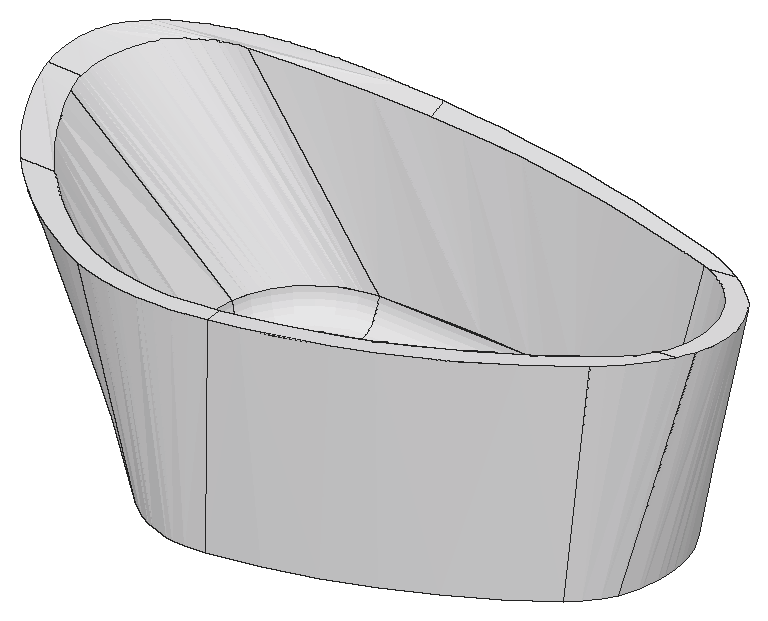
Revit family "Bath-Freestanding-KOHLER-Veil-K-8331", category Plumbing Fixtures, host Face, Revit 2015
Parameters (values of type "K-8331-0-White")
  Width = 36 111/128"  # constant formula
  Waste Connection = yes
  URL = "http://www.us.kohler.com/us/"
  Type = 0
  Product Page URL = "http://www.us.kohler.com/us/catalog/productDetails.jsp?productNumber=8331"
  Product Name = "Veil"  # constant formula
  Product Documentation Link = "http://www.us.kohler.com/onlinecatalog/pdf/K-8331_spec.pdf"
  Pressure = 0.00 psi
  Outlet Connector = "Outlet Connection"  # constant formula
  Model = "K-8331-0"  # constant formula
  Material = "KOHLER Lithocast"  # constant formula
  MasterFormat 2004 = "22.41.19"  # constant formula
  MasterFormat 1995 = "15410"  # constant formula
  Manufacturer Address = "444 Highland Drive, Kohler, WI 53044"  # constant formula
  Manufacturer = "Kohler"  # constant formula
  Length = 66"  # constant formula
  Inlet Connector = "Inlet Connection"  # constant formula
  Height = 24 73/128"  # constant formula
  Flow Rate = 0 GPM
  Finish = Kohler-Lithocast-0-White
  Description = "Veil 66inch x 36inch freestanding bath with center toe-tap drain"  # constant formula
  Default Elevation = 0"
  Date Modified = "09/08/2017"  # constant formula
  Date Created = "09/19/2017"  # constant formula
  Copyright = "Copyright by Kohler Co."  # constant formula
  Contact Us = "https://www.us.kohler.com/us/static/contact.jsp"
  Assembly Code = "D2010500"
  ADA Compliant = yes
Reference planes (in)
  plane 1 "Center (Front/Back)": y = 0
  plane 2: z = 0
  plane 3 "Center (Left/Right)": x = 0
  plane 4: y = 15.25
  plane 5: y = -21.61719
  plane 6: x = -33
  plane 7: x = 33
  plane 8: z = 24.57031
Dimensions and locks (in)
  "Length": plane 6 to plane 7
  "Width": plane 4 to plane 5
  "Height": plane 8 to level
  aligned and locked: plane 2 to host face
  aligned and locked: level to host face
Automatic sketch dimensions
  host sketch curve to host sketch curve = 96"  (x2)
Nested families (in)
  nested 1: "K-8331" at (0, 0, 0), type "K-8331"
Connectors (in)
  piping at (16.99272, 0, 0.8281), diameter 1.5, driven by "Flow Rate", driven by "Waste Connection", driven by "Outlet Connector"
    settings: on nested 1, index 1, connector inside diameter 24", connector length 0", flow factor 0, pipe flow 0 GPM, pressure drop 0.00 psi, fitting loss kfactor 0, connector angle 0.00°, fixture units 0, engagement length 0", angle of deflection 0.00°, flow configuration 0, flow direction 2, fitting loss method 0, system type 16, joint type 0, gender type 0, connector reference index -1, connector utility 1, adjustable connector no, is connector primary yes, connector description "Outlet Connection"
Definition of nested family "K-8331"
  Parameters (values of type "K-8331")
    Material = none
  Reference planes (in)
    plane 1 "Center (Front/Back)": y = 0
    plane 2: z = 0
    plane 3 "Center (Left/Right)": x = 0
    plane 4 "A": through (16.99272, 0, 47.5) normal (-0.809, 0.5878, 0)
    plane 5: y = 15.25
    plane 6: y = -21.625
    plane 7: x = -33
    plane 8: x = 33
  Forms (in)
    Blend 1, solid, material <- "Material"
      base sketch origin (-80.78691, -73.24896, 0) x (0.987688, 0.156434, 0) y (-0.156434, 0.987688, 0)
        loop
          arc (86.888, 41.17867) -> (101.13384, 43.03407) -> (114.54833, 48.17589) r 60.88185
          arc (114.54833, 48.17589) -> (116.32929, 49.44034) -> (117.7149, 51.12877) r 8.22931
          arc (117.7149, 51.12877) -> (119.46284, 56.71274) -> (118.31126, 62.44946) r 11.79111
          arc (118.31126, 62.44946) -> (116.66349, 64.70835) -> (114.32137, 66.23551) r 7.75
          arc (114.32137, 66.23551) -> (99.20467, 71.23659) -> (83.5001, 73.86186) r 103.58765
          arc (83.5001, 73.86186) -> (79.68964, 73.46396) -> (76.30844, 71.66243) r 10
          arc (76.30844, 71.66243) -> (73.84255, 68.703) -> (72.67827, 65.03105) r 10
          arc (72.67827, 65.03105) -> (73.54797, 54.57157) -> (78.35113, 45.23955) r 26.92108
          arc (78.35113, 45.23955) -> (82.14922, 42.22035) -> (86.888, 41.17867) r 10.75
      top sketch origin (-80.78691, -73.24896, 0) x (0.987688, 0.156434, 0) y (-0.156434, 0.987688, 0)
        loop
          arc (59.21597, 63.48165) -> (64.68278, 50.46465) -> (75.14286, 40.9823) r 32.58208
          spline (75.14286, 40.9823) -> (75.90649, 40.58426) -> (76.73244, 40.22505) -> (77.62069, 39.90468) -> (78.57126, 39.62314) -> (79.58413, 39.38044) -> (80.65932, 39.17658) -> (81.79682, 39.01155) -> (82.99663, 38.88537) -> (84.25875, 38.79801) -> (85.58319, 38.7495) -> (86.96993, 38.73982) -> (88.41899, 38.76898)
          arc (88.41899, 38.76898) -> (103.53503, 41.20016) -> (117.55933, 47.34219) r 60.59933
          arc (117.55933, 47.34219) -> (121.12379, 50.17739) -> (123.82143, 53.84706) r 17.24023
          arc (123.82143, 53.84706) -> (124.76667, 58.55091) -> (122.86329, 62.95509) r 8.03663
          arc (122.86329, 62.95509) -> (119.99402, 65.61166) -> (116.60316, 67.55899) r 17.36721
          arc (116.60316, 67.55899) -> (101.013, 73.02106) -> (84.8036, 76.20584) r 115.63124
          spline (84.8036, 76.20584) -> (82.8013, 76.42615) -> (80.86951, 76.58527) -> (79.00816, 76.68316) -> (77.21721, 76.71976) -> (75.4966, 76.69502) -> (73.84627, 76.60884) -> (72.26618, 76.46112) -> (70.75628, 76.25174) -> (69.31653, 75.98058) -> (67.94698, 75.64748) -> (66.64767, 75.25227) -> (65.41867, 74.79477)
          spline (65.41867, 74.79477) -> (64.21164, 74.24021) -> (63.12731, 73.61439) -> (62.16639, 72.91671) -> (61.32963, 72.14663) -> (60.61825, 71.30421) -> (60.03382, 70.39021) -> (59.57749, 69.4061) -> (59.24984, 68.35353) -> (59.05051, 67.23386) -> (58.97895, 66.04837) -> (59.03441, 64.79762) -> (59.21597, 63.48165)
      from 0 to 24.58641
    Sweep 2, void
      path origin (8.10504, -59.16986, 0.875) x (-0.156434, 0.987688, 0) y (0, 0, 1)
        loop
          line (36.12827, 21.72931) -> (38.62827, 21.72931) -> (52.12622, 21.4937)
          arc (52.12622, 21.4937) -> (58.63608, 21.47345) -> (65.14385, 21.63992) r 226.9498
          arc (65.14385, 21.63992) -> (72.16893, 22.41819) -> (79.01521, 24.17485) r 50.22875
      profile origin (2.45333, -23.48639, 22.60431) x (0, 0, -1) y (0.987688, 0.156434, 0)
        loop
          line (0.61082, 35.32831) -> (-4.55764, 35.32831) -> (-4.55764, -34.35674) -> (-2.05764, -34.35674)
          arc (-2.05764, -34.35674) -> (-0.05741, -18.10285) -> (0.61082, -1.73998) r 200.67231
          line (0.61082, -1.73998) -> (0.61082, 35.32831)
    Blend 3, void
      base sketch origin (-0.81971, -2.82121, 0) x (0.987688, 0.156434, 0) y (-0.156434, 0.987688, 0)
        loop
          arc (23.60701, -8.67137) -> (28.92225, 0.50784) -> (22.798, 9.16828) r 9.82509
          arc (22.798, 9.16828) -> (8.56503, 13.76649) -> (-6.18354, 16.25664) r 103.08765
          arc (-6.18354, 16.25664) -> (-11.97191, 14.82145) -> (-15.59224, 10.08244) r 9
          arc (-15.59224, 10.08244) -> (-16.33123, -0.92104) -> (-11.75234, -10.95381) r 22.49874
          arc (-11.75234, -10.95381) -> (-7.50934, -14.27242) -> (-2.23133, -15.34892) r 11.75
          arc (-2.23133, -15.34892) -> (11.06137, -13.4555) -> (23.60701, -8.67137) r 60.38185
      top sketch origin (-0.81971, -2.82121, 0) x (0.987688, 0.156434, 0) y (-0.156434, 0.987688, 0)
        loop
          arc (28.82032, -6.99281) -> (32.85375, 0.88782) -> (27.84077, 8.18459) r 8.64544
          arc (27.84077, 8.18459) -> (4.95108, 15.65368) -> (-19.04235, 17.66365) r 104.08765
          arc (-19.04235, 17.66365) -> (-26.53168, 13.76258) -> (-28.1666, 5.47793) r 9.75
          arc (-28.1666, 5.47793) -> (-24.50437, -3.38558) -> (-18.55354, -10.9063) r 34.66193
          arc (-18.55354, -10.9063) -> (-12.53039, -14.84288) -> (-5.4951, -16.35274) r 19.69132
          arc (-5.4951, -16.35274) -> (12.35544, -14.21285) -> (28.82032, -6.99281) r 61.38185
      from 6.13875 to 24.58641
    Sweep 4, void
      path origin (-0.81971, -2.82121, 0) x (0.987688, 0.156434, 0) y (-0.156434, 0.987688, 0)
        loop
          arc (28.8625, -1.10663) -> (28.92378, 0.47279) -> (28.73099, 2.0416) r 9.82509
          arc (28.73099, 2.0416) -> (26.65816, 6.34892) -> (22.798, 9.16828) r 9.82509
          arc (22.798, 9.16828) -> (8.56503, 13.76649) -> (-6.18354, 16.25664) r 103.08765
          arc (-6.18354, 16.25664) -> (-11.97191, 14.82145) -> (-15.59224, 10.08244) r 9
          arc (-15.59224, 10.08244) -> (-16.33123, -0.92104) -> (-11.75234, -10.95381) r 22.49874
          arc (-11.75234, -10.95381) -> (-7.50934, -14.27242) -> (-2.23133, -15.34892) r 11.75
          arc (-2.23133, -15.34892) -> (11.06137, -13.4555) -> (23.60701, -8.67137) r 60.38185
          arc (23.60701, -8.67137) -> (27.17618, -5.54304) -> (28.8625, -1.10663) r 9.82509
      profile origin (27.674, 2.17043, 0) x (-0.980299, -0.19752, 0) y (0, 0, 1)
        loop
          line (3.25793, 6.13875) -> (0, 6.13875)
          arc (0, 6.13875) -> (0.76267, 4.12007) -> (2.74758, 3.27339) r 2.75
          line (2.74758, 3.27339) -> (3.25793, 3.27339) -> (3.25793, 6.13875)
    Extrusion 5, void
      sketch origin (-0.81971, -2.82121, 0) x (0.987688, 0.156434, 0) y (-0.156434, 0.987688, 0)
        loop
          arc (-12.49427, 9.0741) -> (-13.12625, -0.33602) -> (-9.21041, -8.91599) r 19.2408
          arc (-9.21041, -8.91599) -> (-6.14387, -11.31444) -> (-2.3293, -12.09246) r 8.49207
          arc (-2.3293, -12.09246) -> (10.24619, -10.3012) -> (22.11492, -5.7752) r 57.12392
          arc (22.11492, -5.7752) -> (24.50058, -3.6842) -> (25.62772, -0.71888) r 6.56716
          arc (25.62772, -0.71888) -> (25.66868, 0.33682) -> (25.53982, 1.38543) r 6.56716
          arc (25.53982, 1.38543) -> (24.15433, 4.26447) -> (21.57417, 6.14894) r 6.56716
          arc (21.57417, 6.14894) -> (7.79101, 10.60184) -> (-6.49145, 13.01329) r 99.82971
          arc (-6.49145, 13.01329) -> (-10.18448, 12.09763) -> (-12.49427, 9.0741) r 5.74207
      from 3.27339 to 6.13875
    Extrusion 6, void
      sketch origin (-0.81971, -2.82121, 0) x (0.987688, 0.156434, 0) y (-0.156434, 0.987688, 0)
        loop
          arc (23.61717, -7.10514) -> (24.9653, -6.14799) -> (26.01415, -4.86991) r 6.22931
          arc (26.01415, -4.86991) -> (27.46561, -0.23309) -> (26.50936, 4.53057) r 9.79111
          arc (26.50936, 4.53057) -> (25.28682, 6.20653) -> (23.54912, 7.33958) r 5.75
          arc (23.54912, 7.33958) -> (8.72428, 12.24409) -> (-6.67707, 14.81868) r 101.58765
          arc (-6.67707, 14.81868) -> (-12.44363, 13.04836) -> (-15.33454, 7.75403) r 8
          arc (-15.33454, 7.75403) -> (-14.52945, -1.92839) -> (-10.08312, -10.56713) r 24.92108
          arc (-10.08312, -10.56713) -> (-6.99165, -13.02462) -> (-3.13451, -13.8725) r 8.75
          arc (-3.13451, -13.8725) -> (10.64336, -12.07805) -> (23.61717, -7.10514) r 58.88185
      from 0 to 2.66635
    Revolve 7, void
      sketch origin (-0.81971, -2.82121, 0.5) x (0.987688, 0.156434, 0) y (0, 0, 1)
        loop
          line (18.03447, 2.81002) -> (14.72447, 2.81002)
          arc (14.72447, 2.81002) -> (15.25662, 2.57026) -> (15.47447, 2.02877) r 0.7819
          line (15.47447, 2.02877) -> (15.47447, 0.3281) -> (18.03447, 0.3281) -> (18.03447, 2.81002)
        axis (18.03447, 2.81002) -> (18.03447, 0.3281)
      angle from 0 to 360
    Revolve 8, solid, material <- "Material"
      sketch origin (-0.81971, -2.82121, 0.5) x (0.987688, 0.156434, 0) y (0, 0, 1)
        loop
          line (15.22447, 0.3281) -> (18.03447, 0.3281) -> (18.03447, 2.76558)
          arc (18.03447, 2.76558) -> (16.87965, 2.72338) -> (15.73099, 2.59701) r 15.82281
          arc (15.73099, 2.59701) -> (15.59549, 2.42801) -> (15.75415, 2.28054) r 0.15908
          line (15.75415, 2.28054) -> (17.05809, 2.28054) -> (17.05809, 0.7094) -> (15.47447, 0.7094) -> (15.47447, 2.16635) -> (15.22447, 2.16635) -> (15.22447, 0.3281)
        axis (18.03447, 2.76558) -> (18.03447, 0.3281)
      angle from 0 to 360
    Extrusion 9, void
      sketch origin (11.12188, -8.08052, 0) x (-0.587785, -0.809017, 0) y (0, 0, 1)
        loop
          line (-8.82228, 19.25) -> (-10.82228, 19.25)
          arc (-10.82228, 19.25) -> (-11.07228, 19) -> (-10.82228, 18.75) r 0.25
          line (-10.82228, 18.75) -> (-8.82228, 18.75)
          arc (-8.82228, 18.75) -> (-8.57228, 19) -> (-8.82228, 19.25) r 0.25
      from -12.27424 to -10.90435
  Cuts and joins
    Sweep 2, Blend 3, Sweep 4, Extrusion 5, Extrusion 6, Revolve 7, Extrusion 9 cuts Blend 1
    joined: Blend 1, Revolve 8
  Lines and regions (in)
    Masking region 1
      outline origin (-0.81971, -2.82121, 0) x (0.987688, 0.156434, 0) y (-0.156434, 0.987688, 0)
        loop
          spline (-30.65759, 8.0336) -> (-30.64363, 7.90301) -> (-30.62848, 7.77256) -> (-30.61213, 7.64226) -> (-30.5946, 7.51212) -> (-30.57588, 7.38215) -> (-30.55597, 7.25236) -> (-30.53488, 7.12276) -> (-30.51261, 6.99337) -> (-30.48915, 6.86419) -> (-30.46452, 6.73524) -> (-30.43871, 6.60652) -> (-30.41173, 6.47805)
          spline (-30.41173, 6.47805) -> (-30.18439, 5.47281) -> (-29.92683, 4.47483) -> (-29.63928, 3.48504) -> (-29.32201, 2.50432) -> (-28.9753, 1.53356) -> (-28.59947, 0.57364) -> (-28.19485, -0.37456) -> (-27.76181, -1.31019) -> (-27.30075, -2.23241) -> (-26.81208, -3.14036) -> (-26.29625, -4.03323) -> (-25.75373, -4.91022)
          spline (-25.75373, -4.91022) -> (-25.0278, -5.99635) -> (-24.25984, -7.05225) -> (-23.45051, -8.07728) -> (-22.60166, -9.06967) -> (-21.71483, -10.02808) -> (-20.79146, -10.95126) -> (-19.83298, -11.83797) -> (-18.84085, -12.68702) -> (-17.81651, -13.49724) -> (-16.76153, -14.26738) -> (-15.67782, -14.99598) -> (-14.56609, -15.68252)
          spline (-14.56609, -15.68252) -> (-13.59889, -16.20004) -> (-12.59316, -16.63643) -> (-11.55391, -16.99609) -> (-10.49426, -17.28998) -> (-9.41976, -17.5256) -> (-8.336, -17.71032) -> (-7.24568, -17.85001) -> (-6.15099, -17.94984) -> (-5.05247, -18.01407) -> (-3.94988, -18.04631) -> (-2.84611, -18.05029) -> (-1.74246, -18.02733)
          spline (-1.74246, -18.02733) -> (0.79587, -17.89583) -> (3.32643, -17.65785) -> (5.84476, -17.31382) -> (8.34642, -16.86434) -> (10.827, -16.3102) -> (13.2821, -15.65239) -> (15.70741, -14.89206) -> (18.09864, -14.03055) -> (20.45157, -13.06939) -> (22.76205, -12.01027) -> (25.026, -10.85506) -> (27.23943, -9.6058)
          spline (27.23943, -9.6058) -> (27.7797, -9.26871) -> (28.30626, -8.91058) -> (28.81828, -8.53197) -> (29.31497, -8.13346) -> (29.79556, -7.71569) -> (30.2593, -7.27929) -> (30.70547, -6.82495) -> (31.13338, -6.35338) -> (31.54236, -5.8653) -> (31.93177, -5.36147) -> (32.30101, -4.84269) -> (32.64937, -4.30967)
          spline (32.64937, -4.30967) -> (32.69332, -4.23906) -> (32.73691, -4.16824) -> (32.78014, -4.09719) -> (32.82301, -4.02591) -> (32.86551, -3.95442) -> (32.90764, -3.88272) -> (32.9494, -3.81079) -> (32.9908, -3.73866) -> (33.03182, -3.66631) -> (33.07248, -3.59375) -> (33.11276, -3.52099) -> (33.15215, -3.44774)
          spline (33.15215, -3.44774) -> (33.50689, -2.71281) -> (33.78923, -1.94714) -> (33.99655, -1.15782) -> (34.12691, -0.35222) -> (34.1791, 0.46219) -> (34.15265, 1.27782) -> (34.04779, 2.08709) -> (33.8655, 2.88248) -> (33.60747, 3.65658) -> (33.27611, 4.4022) -> (32.87449, 5.1124) -> (32.40636, 5.78058)
          spline (32.40636, 5.78058) -> (32.23312, 5.9909) -> (32.0563, 6.19822) -> (31.87595, 6.40248) -> (31.69212, 6.60361) -> (31.50487, 6.80155) -> (31.31425, 6.99625) -> (31.12032, 7.18765) -> (30.92314, 7.3757) -> (30.72276, 7.56033) -> (30.51924, 7.7415) -> (30.31265, 7.91914) -> (30.10304, 8.09322)
          spline (30.10304, 8.09322) -> (29.81699, 8.32128) -> (29.52582, 8.54274) -> (29.22968, 8.75749) -> (28.92873, 8.96542) -> (28.62313, 9.16643) -> (28.31303, 9.3604) -> (27.99859, 9.54724) -> (27.67999, 9.72685) -> (27.35738, 9.89913) -> (27.03094, 10.064) -> (26.70083, 10.22136) -> (26.36723, 10.37115)
          spline (26.36723, 10.37115) -> (24.11259, 11.32365) -> (21.83918, 12.2284) -> (19.54779, 13.08497) -> (17.23923, 13.89296) -> (14.91428, 14.65196) -> (12.57381, 15.36157) -> (10.2188, 16.02139) -> (7.85025, 16.63103) -> (5.46917, 17.19009) -> (3.07655, 17.69818) -> (0.67326, 18.15502) -> (-1.73998, 18.56047)
          spline (-1.73998, 18.56047) -> (-2.03197, 18.60592) -> (-2.32405, 18.65066) -> (-2.61623, 18.69468) -> (-2.90851, 18.73798) -> (-3.20088, 18.78058) -> (-3.49333, 18.82245) -> (-3.78588, 18.86362) -> (-4.07851, 18.90406) -> (-4.37123, 18.94379) -> (-4.66402, 18.9828) -> (-4.9569, 19.0211) -> (-5.24985, 19.05868)
          spline (-5.24985, 19.05868) -> (-6.87452, 19.24906) -> (-8.49946, 19.40152) -> (-10.12498, 19.5138) -> (-11.75145, 19.5814) -> (-13.37871, 19.59981) -> (-15.00633, 19.56411) -> (-16.63207, 19.46622) -> (-18.25372, 19.30015) -> (-19.86678, 19.05597) -> (-21.46392, 18.72189) -> (-23.03441, 18.28649) -> (-24.5681, 17.73992)
          spline (-24.5681, 17.73992) -> (-25.52256, 17.31703) -> (-26.43941, 16.82526) -> (-27.3082, 16.25521) -> (-28.11341, 15.59908) -> (-28.83566, 14.85323) -> (-29.45468, 14.02067) -> (-29.95396, 13.11202) -> (-30.3252, 12.14426) -> (-30.56976, 11.13683) -> (-30.69727, 10.10774) -> (-30.72161, 9.07105) -> (-30.65759, 8.0336)
    Masking region 2
      outline origin (0, 0, 0) x (1, 0, 0) y (0, 0, 1)
        loop
          line (-19.18615, 0) -> (28.39758, 0) -> (32.95065, 21.72529)
          spline (32.95065, 21.72529) -> (32.93061, 21.72687) -> (32.87052, 21.72977) -> (32.77066, 21.73397) -> (32.6315, 21.73946) -> (32.45372, 21.7462) -> (32.23815, 21.75417) -> (31.98581, 21.76333) -> (31.69791, 21.77364) -> (31.3758, 21.78504) -> (31.02103, 21.79748) -> (30.63527, 21.8109) -> (30.22035, 21.82524)
          spline (30.22035, 21.82524) -> (30.00159, 21.83202) -> (29.77936, 21.83888) -> (29.55374, 21.84582) -> (29.32481, 21.85283) -> (29.09264, 21.85993) -> (28.85731, 21.86709) -> (28.6189, 21.87433) -> (28.37748, 21.88163) -> (28.13315, 21.889) -> (27.88597, 21.89643) -> (27.63604, 21.90392) -> (27.38344, 21.91147)
          spline (27.38344, 21.91147) -> (27.08403, 21.92045) -> (26.78144, 21.92992) -> (26.4756, 21.93976) -> (26.16666, 21.94998) -> (25.85476, 21.96058) -> (25.54004, 21.97155) -> (25.22264, 21.98288) -> (24.9027, 21.99456) -> (24.58037, 22.00661) -> (24.2558, 22.019) -> (23.92913, 22.03173) -> (23.60051, 22.0448)
          spline (23.60051, 22.0448) -> (21.22462, 22.13431) -> (18.83767, 22.23612) -> (16.44049, 22.34774) -> (14.03395, 22.4667) -> (11.61889, 22.59051) -> (9.19622, 22.71684) -> (6.76699, 22.84368) -> (4.33223, 22.96904) -> (1.893, 23.09096) -> (-0.54965, 23.20747) -> (-2.99481, 23.31685) -> (-5.44177, 23.41768)
          spline (-5.44177, 23.41768) -> (-5.73727, 23.42942) -> (-6.03276, 23.44145) -> (-6.32823, 23.45379) -> (-6.62368, 23.46642) -> (-6.91911, 23.47935) -> (-7.21452, 23.49258) -> (-7.5099, 23.50611) -> (-7.80526, 23.51993) -> (-8.10058, 23.53405) -> (-8.39588, 23.54846) -> (-8.69114, 23.56318) -> (-8.98637, 23.57819)
          spline (-8.98637, 23.57819) -> (-10.62081, 23.66508) -> (-12.2496, 23.75618) -> (-13.87267, 23.85051) -> (-15.48969, 23.94655) -> (-17.09979, 24.0429) -> (-18.7018, 24.13802) -> (-20.2922, 24.22957) -> (-21.86791, 24.31598) -> (-23.42291, 24.39465) -> (-24.94812, 24.4626) -> (-26.43116, 24.51707) -> (-27.86048, 24.55654)
          arc (-27.86048, 24.55654) -> (-29.30506, 24.57284) -> (-30.74959, 24.55304) r 57.80218
          arc (-30.74959, 24.55304) -> (-31.50678, 24.50701) -> (-32.259, 24.4089) r 10.99636
          arc (-32.259, 24.4089) -> (-32.46526, 24.36214) -> (-32.66462, 24.29154) r 1.8023
          arc (-32.66462, 24.29154) -> (-32.71466, 24.26056) -> (-32.75282, 24.21577) r 0.19013
          arc (-32.75282, 24.21577) -> (-32.75941, 24.19132) -> (-32.75167, 24.16722) r 0.04473
          line (-32.75167, 24.16722) -> (-19.18615, 0)
    Masking region 3
      outline origin (0, 0, 0) x (0, 1, 0) y (0, 0, 1)
        loop
          spline (-1.07571, 23.91199) -> (-0.96144, 23.91952) -> (-0.84681, 23.92699) -> (-0.73182, 23.93438) -> (-0.61649, 23.94169) -> (-0.50083, 23.94893) -> (-0.38483, 23.95609) -> (-0.26851, 23.96317) -> (-0.15188, 23.97018) -> (-0.03495, 23.9771) -> (0.08227, 23.98395) -> (0.19978, 23.99072) -> (0.31757, 23.99741)
          spline (0.31757, 23.99741) -> (1.33224, 24.05928) -> (2.35997, 24.13038) -> (3.39633, 24.20788) -> (4.42962, 24.28773) -> (5.44354, 24.365) -> (6.41911, 24.43457) -> (7.33826, 24.49205) -> (8.18791, 24.53465) -> (8.96192, 24.56144) -> (9.66087, 24.57298) -> (10.29001, 24.57075) -> (10.857, 24.55654)
          spline (10.857, 24.55654) -> (11.63676, 24.51707) -> (12.31248, 24.4626) -> (12.8923, 24.39465) -> (13.38581, 24.31598) -> (13.80352, 24.22957) -> (14.15453, 24.13802) -> (14.4444, 24.0429) -> (14.68078, 23.94655) -> (14.86845, 23.85051) -> (15.01183, 23.75618) -> (15.11545, 23.66508) -> (15.18156, 23.57819)
          arc (15.18156, 23.57819) -> (15.2167, 23.50029) -> (15.23855, 23.41768) r 0.51857
          line (15.23855, 23.41768) -> (13.00788, 0) -> (-19.13694, 0) -> (-21.61879, 22.09611)
          arc (-21.61879, 22.09611) -> (-21.59011, 22.13177) -> (-21.55208, 22.15723) r 0.15127
          arc (-21.55208, 22.15723) -> (-21.42357, 22.20813) -> (-21.28983, 22.24305) r 1.13618
          arc (-21.28983, 22.24305) -> (-20.94054, 22.30558) -> (-20.5893, 22.35594) r 10.21732
          spline (-20.5893, 22.35594) -> (-20.08512, 22.41827) -> (-19.53502, 22.48396) -> (-18.93941, 22.55252) -> (-18.29942, 22.62336) -> (-17.61603, 22.69589) -> (-16.89018, 22.76952) -> (-16.12282, 22.84363) -> (-15.31495, 22.91762) -> (-14.46757, 22.99086) -> (-13.58178, 23.06272) -> (-12.65902, 23.13253) -> (-11.69983, 23.19974)
          spline (-11.69983, 23.19974) -> (-10.9116, 23.25316) -> (-10.10316, 23.30782) -> (-9.27525, 23.36369) -> (-8.42865, 23.42071) -> (-7.56411, 23.47882) -> (-6.68246, 23.53797) -> (-5.7845, 23.59812) -> (-4.87105, 23.65919) -> (-3.94296, 23.72115) -> (-3.00109, 23.78392) -> (-2.04631, 23.84745) -> (-1.07949, 23.91169)
    symbolic lines, detail levels medium+fine
      curve 1: spline (-5.15475, 13.39333, 0) -> (-6.58139, 13.35105, 0) -> (-8.00713, 13.29008, 0) -> (-9.43171, 13.21042, 0) -> (-10.85485, 13.1121, 0) -> (-12.27628, 12.99512, 0) -> (-13.69572, 12.85952, 0) -> (-15.11291, 12.70533, 0) -> (-16.52757, 12.53256, 0) -> (-17.93942, 12.34125, 0) -> (-19.34821, 12.13144, 0) -> (-20.75366, 11.90317, 0) -> (-22.15549, 11.65648, 0)
      curve 2: line (-22.15549, 11.65648, 0) -> (-29.72988, 0.74849, 0)
      curve 3: spline (-29.72988, 0.74849, 0) -> (-29.69051, 0.54288, 0) -> (-29.64643, 0.33824, 0) -> (-29.59767, 0.13469, 0) -> (-29.54425, -0.06767, 0) -> (-29.48621, -0.26873, 0) -> (-29.42358, -0.46838, 0) -> (-29.35638, -0.66652, 0) -> (-29.28465, -0.86304, 0) -> (-29.20843, -1.05784, 0) -> (-29.12777, -1.25082, 0) -> (-29.0427, -1.44187, 0) -> (-28.95327, -1.63089, 0)
      curve 4: spline (-28.95327, -1.63089, 0) -> (-28.54179, -2.50111, 0) -> (-28.10837, -3.3607, 0) -> (-27.65327, -4.20911, 0) -> (-27.17681, -5.04581, 0) -> (-26.67927, -5.87025, 0) -> (-26.16098, -6.6819, 0) -> (-25.62227, -7.48025, 0) -> (-25.06349, -8.26478, 0) -> (-24.48499, -9.03499, 0) -> (-23.88715, -9.79039, 0) -> (-23.27035, -10.53048, 0) -> (-22.63498, -11.25481, 0)
      curve 5: spline (-22.63348, -11.25347, 0) -> (-22.19234, -11.73129, 0) -> (-21.74227, -12.2007, 0) -> (-21.28343, -12.66153, 0) -> (-20.81597, -13.11363, 0) -> (-20.34007, -13.55681, 0) -> (-19.85589, -13.99094, 0) -> (-19.3636, -14.41585, 0) -> (-18.86339, -14.8314, 0) -> (-18.35543, -15.23744, 0) -> (-17.83989, -15.63381, 0) -> (-17.31697, -16.02039, 0) -> (-16.78685, -16.39704, 0)
      curve 6: line (-16.78685, -16.39704, 0) -> (-3.30199, -19.64267, 0)
      curve 7: spline (-3.30199, -19.64267, 0) -> (-3.00845, -19.60179, 0) -> (-2.7151, -19.5595, 0) -> (-2.42196, -19.51581, 0) -> (-2.12902, -19.47071, 0) -> (-1.8363, -19.42421, 0) -> (-1.5438, -19.37631, 0) -> (-1.25153, -19.32701, 0) -> (-0.9595, -19.27631, 0) -> (-0.66771, -19.22421, 0) -> (-0.37617, -19.17071, 0) -> (-0.08489, -19.11582, 0) -> (0.20612, -19.05953, 0)
      curve 8: spline (28.10831, -5.52694, 0) -> (26.09013, -7.18649, 0) -> (24.00243, -8.7577, 0) -> (21.84908, -10.23768, 0) -> (19.63405, -11.62369, 0) -> (17.36145, -12.91315, 0) -> (15.03549, -14.10369, 0) -> (12.66048, -15.1931, 0) -> (10.24079, -16.17936, 0) -> (7.78093, -17.06065, 0) -> (5.28544, -17.83533, 0) -> (2.75893, -18.50198, 0) -> (0.20609, -19.05936, 0)
      curve 9: spline (30.17847, -2.90859, 0) -> (30.04603, -3.15512, 0) -> (29.90576, -3.39728, 0) -> (29.75781, -3.63483, 0) -> (29.60234, -3.86753, 0) -> (29.4395, -4.09513, 0) -> (29.26946, -4.3174, 0) -> (29.09239, -4.53412, 0) -> (28.90847, -4.74506, 0) -> (28.7179, -4.95001, 0) -> (28.52086, -5.14876, 0) -> (28.31757, -5.3411, 0) -> (28.10822, -5.52683, 0)
      curve 10: line (30.17847, -2.90859, 0) -> (24.73002, 9.64164, 0)
      curve 11: line (24.73002, 9.64164, 0) -> (-5.15475, 13.39333, 0)
      curve 12: arc (-9.47023, 12.26796, 0) -> (-14.96282, 9.94494, 0) -> (-17.79722, 4.69793, 0) r 9
      curve 13: arc (-17.79722, 4.69793, 0) -> (-16.8058, -6.28568, 0) -> (-10.71381, -15.47864, 0) r 22.49874
      curve 14: arc (-10.71381, -15.47864, 0) -> (-6.0039, -18.09263, 0) -> (-0.62247, -18.33022, 0) r 11.75
      curve 15: arc (23.85315, -7.69287, 0) -> (12.21038, -14.38067, 0) -> (-0.62247, -18.33022, 0) r 60.38185
      curve 16: arc (27.86056, 0.60087, 0) -> (26.88901, -4.04472, 0) -> (23.85315, -7.69287, 0) r 9.82509
      curve 17: arc (20.26337, 9.80058, 0) -> (24.51705, 7.6198, 0) -> (27.23818, 3.68977, 0) r 9.82509
      curve 18: arc (27.23818, 3.68977, 0) -> (27.674, 2.17043, 0) -> (27.86056, 0.60087, 0) r 9.82509
      curve 19: arc (-9.47023, 12.26796, 0) -> (5.48631, 12.11566, 0) -> (20.26337, 9.80058, 0) r 103.08765
      curve 20: arc (14.46424, -0.40047, 0) -> (16.59225, 2.52848, 0) -> (19.52121, 0.40047, 0) r 2.56
      curve 21: arc (19.52121, 0.40047, 0) -> (17.3932, -2.52848, 0) -> (14.46424, -0.40047, 0) r 2.56
      curve 22: arc (13.92757, -0.48547, 0) -> (16.50725, 3.06515, 0) -> (20.05788, 0.48547, 0) r 3.10336
      curve 23: arc (20.05788, 0.48547, 0) -> (17.4782, -3.06515, 0) -> (13.92757, -0.48547, 0) r 3.10336
      curve 24: arc (27.12325, -6.12419, 0) -> (26.32955, -6.77176, 0) -> (25.52496, -7.40576, 0) r 60.26337
      curve 25: spline (25.52489, -7.40567, 0) -> (25.4701, -7.44729, 0) -> (25.41633, -7.48657, 0) -> (25.36767, -7.52051, 0) -> (25.32782, -7.54655, 0) -> (25.29981, -7.5627, 0) -> (25.28577, -7.56773, 0) -> (25.28677, -7.56126, 0) -> (25.30272, -7.54379, 0) -> (25.33242, -7.51664, 0) -> (25.3736, -7.48187, 0) -> (25.42315, -7.44213, 0) -> (25.47729, -7.40044, 0)
      curve 26: arc (25.47731, -7.40048, 0) -> (26.2916, -6.75894, 0) -> (27.09472, -6.10346, 0) r 60.17484
      curve 27: spline (27.0949, -6.10352, 0) -> (27.14642, -6.06203, 0) -> (27.19568, -6.0239, 0) -> (27.2392, -5.9918, 0) -> (27.27393, -5.968, 0) -> (27.2974, -5.95419, 0) -> (27.30797, -5.95134, 0) -> (27.30488, -5.95965, 0) -> (27.28835, -5.97853, 0) -> (27.25955, -6.00665, 0) -> (27.22051, -6.04203, 0) -> (27.17399, -6.08216, 0) -> (27.12327, -6.12423, 0)
      curve 28: spline (-25.48845, 0, 23.19976) -> (-26.16122, 0, 23.25269) -> (-26.81012, 0, 23.30684) -> (-27.43458, 0, 23.36218) -> (-28.03402, 0, 23.41864) -> (-28.6079, 0, 23.47619) -> (-29.1557, 0, 23.53476) -> (-29.67693, 0, 23.5943) -> (-30.17111, 0, 23.65477) -> (-30.63779, 0, 23.7161) -> (-31.07656, 0, 23.77823) -> (-31.48701, 0, 23.84112) -> (-31.86878, 0, 23.90471)
      curve 29: line (-12.75318, 0, 22.35594) -> (-25.48845, 0, 23.19976)
      curve 30: line (-12.75318, 0, 22.35594) -> (0.27886, 0, 21.98649)
      curve 31: spline (0.27886, 0, 21.98649) -> (2.76385, 0, 21.9842) -> (5.22455, 0, 21.98005) -> (7.65662, 0, 21.97405) -> (10.05578, 0, 21.96621) -> (12.41779, 0, 21.95655) -> (14.73849, 0, 21.94508) -> (17.0138, 0, 21.93183) -> (19.23971, 0, 21.91681) -> (21.41228, 0, 21.90005) -> (23.52769, 0, 21.88159) -> (25.58221, 0, 21.86144) -> (27.57222, 0, 21.83966)
      curve 32: line (-21.91765, 0, 23.91397) -> (-29.48693, 0, 23.59596)
      curve 33: spline (-5.10798, 0, 22.97645) -> (-6.51844, 0, 23.02054) -> (-7.92802, 0, 23.07085) -> (-9.33647, 0, 23.12739) -> (-10.74352, 0, 23.19014) -> (-12.1489, 0, 23.25908) -> (-13.55235, 0, 23.33421) -> (-14.9536, 0, 23.41551) -> (-16.35239, 0, 23.50296) -> (-17.74845, 0, 23.59655) -> (-19.14153, 0, 23.69626) -> (-20.53135, 0, 23.80208) -> (-21.91765, 0, 23.91397)
      curve 34: line (24.65395, 0, 21.9134) -> (-5.10798, 0, 22.97645)
      curve 35: arc (-31.86878, 0, 23.90471) -> (-32.31789, 0, 24.01017) -> (-32.75167, 0, 24.16722) r 3.95496
      curve 36: line (27.57222, 0, 21.83966) -> (32.95065, 0, 21.72529)
      curve 37: line (24.65395, 0, 21.9134) -> (32.95065, 0, 21.72529)
      curve 38: spline (0, -20.89926, 21.98649) -> (0, -20.37368, 21.9842) -> (0, -19.74464, 21.98007) -> (0, -19.01324, 21.97409) -> (0, -18.18077, 21.96628) -> (0, -17.24869, 21.95664) -> (0, -16.21863, 21.94521) -> (0, -15.09241, 21.932) -> (0, -13.87201, 21.91703) -> (0, -12.55955, 21.90033) -> (0, -11.15737, 21.88192) -> (0, -9.6679, 21.86185) -> (0, -8.09378, 21.84014)
      curve 39: spline (0, -8.09378, 21.84014) -> (0, -7.7163, 21.83483) -> (0, -7.32326, 21.82922) -> (0, -6.91516, 21.82331) -> (0, -6.49252, 21.81711) -> (0, -6.0559, 21.81062) -> (0, -5.60585, 21.80386) -> (0, -5.14295, 21.79684) -> (0, -4.66781, 21.78955) -> (0, -4.18103, 21.78202) -> (0, -3.68325, 21.77425) -> (0, -3.1751, 21.76626) -> (0, -2.65724, 21.75804)
      curve 40: spline (0, 8.04427, 21.82629) -> (0, 7.4467, 21.80577) -> (0, 6.79308, 21.78721) -> (0, 6.0899, 21.77081) -> (0, 5.3441, 21.75672) -> (0, 4.56309, 21.74509) -> (0, 3.75461, 21.73602) -> (0, 2.92665, 21.72961) -> (0, 2.08743, 21.72593) -> (0, 1.24525, 21.72501) -> (0, 0.40847, 21.72685) -> (0, -0.41464, 21.73145) -> (0, -1.21591, 21.73875)
      curve 41: spline (0, -1.21591, 21.73873) -> (0, -1.33777, 21.74009) -> (0, -1.45926, 21.74149) -> (0, -1.58037, 21.74294) -> (0, -1.70111, 21.74443) -> (0, -1.82145, 21.74597) -> (0, -1.94139, 21.74755) -> (0, -2.06092, 21.74918) -> (0, -2.18004, 21.75085) -> (0, -2.29874, 21.75256) -> (0, -2.41701, 21.75432) -> (0, -2.53485, 21.75612) -> (0, -2.65224, 21.75796)
      curve 42: line (0, 15.23855, 23.41768) -> (0, 11.54699, 22.0448)
      curve 43: spline (0, 11.54699, 22.0448) -> (0, 11.45821, 22.03175) -> (0, 11.36247, 22.01903) -> (0, 11.25983, 22.00665) -> (0, 11.15032, 21.99462) -> (0, 11.03399, 21.98294) -> (0, 10.91091, 21.97162) -> (0, 10.78112, 21.96066) -> (0, 10.64468, 21.95007) -> (0, 10.50166, 21.93986) -> (0, 10.35212, 21.93002) -> (0, 10.19612, 21.92056) -> (0, 10.03374, 21.91149)
      curve 44: line (0, -16.38089, 22.50496) -> (0, -19.62018, 21.98183)
      curve 45: spline (0, -11.25015, 22.85611) -> (0, -11.72679, 22.82724) -> (0, -12.19505, 22.79826) -> (0, -12.65476, 22.76919) -> (0, -13.10574, 22.74003) -> (0, -13.54785, 22.71079) -> (0, -13.98091, 22.6815) -> (0, -14.40477, 22.65214) -> (0, -14.81929, 22.62275) -> (0, -15.2243, 22.59332) -> (0, -15.61966, 22.56388) -> (0, -16.00524, 22.53442) -> (0, -16.38089, 22.50496)
      curve 46: spline (0, -1.40576, 23.4727) -> (0, -2.29671, 23.41312) -> (0, -3.17679, 23.35489) -> (0, -4.04539, 23.29807) -> (0, -4.90191, 23.2427) -> (0, -5.74576, 23.18881) -> (0, -6.57636, 23.13644) -> (0, -7.39313, 23.08563) -> (0, -8.1955, 23.03641) -> (0, -8.98293, 22.98882) -> (0, -9.75487, 22.94288) -> (0, -10.51078, 22.89864) -> (0, -11.25015, 22.85611)
      curve 47: spline (0, 0.78808, 23.59596) -> (0, 0.59923, 23.58757) -> (0, 0.4112, 23.57883) -> (0, 0.22407, 23.56974) -> (0, 0.03793, 23.5603) -> (0, -0.14714, 23.55051) -> (0, -0.33106, 23.54038) -> (0, -0.51374, 23.52991) -> (0, -0.69511, 23.51911) -> (0, -0.87507, 23.50799) -> (0, -1.05356, 23.49654) -> (0, -1.23048, 23.48478) -> (0, -1.40576, 23.4727)
      curve 48: line (0, 11.66857, 23.91388) -> (0, 0.78808, 23.59596)
      curve 49: spline (0, 13.37325, 22.97794) -> (0, 13.33116, 23.02211) -> (0, 13.27083, 23.07247) -> (0, 13.19227, 23.12901) -> (0, 13.0955, 23.19171) -> (0, 12.98054, 23.26058) -> (0, 12.8474, 23.3356) -> (0, 12.69611, 23.41674) -> (0, 12.5267, 23.50401) -> (0, 12.33921, 23.59737) -> (0, 12.13366, 23.69681) -> (0, 11.9101, 23.80232) -> (0, 11.66857, 23.91388)
      curve 50: line (0, 9.64435, 21.9134) -> (0, 13.37325, 22.97794)
      curve 51: spline (0, 10.03373, 21.91159) -> (0, 9.89173, 21.90413) -> (0, 9.74523, 21.89672) -> (0, 9.59428, 21.88937) -> (0, 9.43894, 21.88209) -> (0, 9.27925, 21.87487) -> (0, 9.11527, 21.86771) -> (0, 8.94704, 21.86062) -> (0, 8.77463, 21.85361) -> (0, 8.59809, 21.84666) -> (0, 8.41748, 21.83979) -> (0, 8.23285, 21.833) -> (0, 8.04427, 21.82629)
      curve 52: arc (0, -21.61879, 22.09611) -> (0, -21.2631, 22.01457) -> (0, -20.89926, 21.98649) r 2.4628
  Dimensions and locks (in)
    aligned and locked: plane 2 to level
